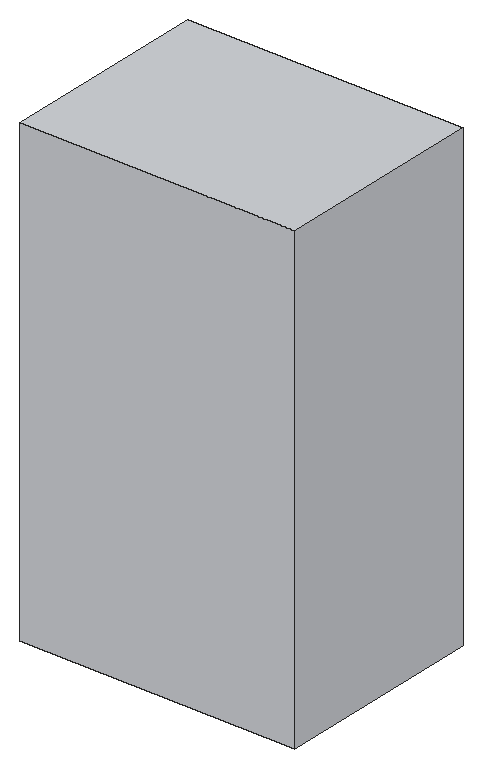
Revit family
Parameters
  Warranty Duration (Years) = 0
  Unit Width [instance] = 1' - 0"
  Unit Height [instance] = 1' - 4"
  Unit Depth = 0' - 0 1/4"
  URL = "http://www.americanspecialties.com/viewCategories.cfm"
  Trim Material = Mirror
  Test Data = ""
  Specification = "http://www.arcat.com/sdspecs/htm/10810asi.htm"
  SpecWizard = ""
  Hardware = Metal - Stainless Steel w/satin
  6-Screw = yes
  Send Message = "http://www.arcat.com/users.pl?action=UserEmail&company=American%20Specialties,%20Inc.&coid=30448&rep=139&fax=914-476-0688&mf="
  Sales Information = "http://www.americanspecialties.com/contact"
  Revision = "R1_10-2010"
  Mirror Radius = 0' - 0 1/2"
  Product Properties = "http://www.americanspecialties.com/datasheets/107.pdf"
  Product Data = "http://www.arcat.com/arcatcos/cos30/arc30448.html"
  Model = "As Specified in 10 28 13"
  Manufacturer Website = "http://www.americanspecialties.com/viewCategories.cfm"
  Manufacturer Phone - Toll Free = ""
  Manufacturer Phone = "914-476-9000 "
  Manufacturer Fax = "914-476-0688"
  Manufacturer Address = "441 Saw Mill River Rd., Yonkers, NY 10701"
  Manufacturer = "American Specialties, Inc."
  Maintenance Schedule (Months) = 0
  Keynote = "10 28 13"
  Installation-Fabrication = "http://www.americanspecialties.com/products.cfm"
  Green Building-LEED = ""
  Frame radius = 0' - 1"
  Expected Lifespan (Years) = 0
  Drawn By = "Robert S. Weygant. CSI, CDT, SCIP"  # constant formula
  Description = "Toilet Accessory as Specified in 10 28 13"
  Default Elevation = 4' - 0"
  Copyright = "©Arcat Inc."
  Construction Details = "http://www.arcat.com/green/clients/leed_data_30448.html"
  Building Codes = "http://www.americanspecialties.com/products.cfm"
  Body Material = Metal - Stainless Steel w/satin
  Assembly Code = "C1030210"
  8-Screw = no
Reference planes (in)
  plane 1 "Center (Front/Back)": y = 2.48383
  plane 2 "Floor Line": z = 0
  plane 3 "Center (Left/Right)": x = -0.65843
  plane 4: z = 56
  plane 5: x = -6.65843
  plane 6: x = 5.34157
  plane 7: z = 48
  plane 8: z = 64
  plane 9: y = 10.48383
  plane 10: y = 9.23383
  plane 11: y = -4.26617
  plane 12: y = -5.51617
  plane 13: x = -5.40843
  plane 14: x = 4.09157
  plane 15: z = 0.21875
  plane 16: z = 0.25
  plane 17: z = 0.10937
Forms (in)
  Extrusion 1, solid
    sketch origin (-3, -9, -5.375) x (0, 0, -1) y (1, 0, 0)
      loop
        line (-82, 26) -> (-82, -19.34712) -> (-5.375, -19.34712) -> (-5.375, 26) -> (-82, 26)
    from 9 to -25.60721
  Extrusion 2, solid, material "Metal - Stainless Steel w/satin" <- "Body Material"
    sketch origin (0, 0, 0) x (1, 0, 0) y (0, 1, 0)
      loop
        arc (-5.65843, 10.48383) -> (-6.36554, 10.19093) -> (-6.65843, 9.48383) r 1
        line (-6.65843, 9.48383) -> (-6.65843, -4.51617)
        arc (-6.65843, -4.51617) -> (-6.36554, -5.22328) -> (-5.65843, -5.51617) r 1
        line (-5.65843, -5.51617) -> (4.34157, -5.51617)
        arc (4.34157, -5.51617) -> (5.04867, -5.22328) -> (5.34157, -4.51617) r 1
        line (5.34157, -4.51617) -> (5.34157, 9.48383)
        arc (5.34157, 9.48383) -> (5.04867, 10.19093) -> (4.34157, 10.48383) r 1
        line (4.34157, 10.48383) -> (-5.65843, 10.48383)
    from 0 to 0.21875
  Extrusion 3, void
    sketch origin (0, 0, 0) x (1, 0, 0) y (0, 1, 0)
      loop
        arc (-4.90843, 9.23383) -> (-5.26199, 9.08738) -> (-5.40843, 8.73383) r 0.5
        line (-5.40843, 8.73383) -> (-5.40843, -3.76617)
        arc (-5.40843, -3.76617) -> (-5.26199, -4.11973) -> (-4.90843, -4.26617) r 0.5
        line (-4.90843, -4.26617) -> (3.59157, -4.26617)
        arc (3.59157, -4.26617) -> (3.94512, -4.11973) -> (4.09157, -3.76617) r 0.5
        line (4.09157, -3.76617) -> (4.09157, 8.73383)
        arc (4.09157, 8.73383) -> (3.94512, 9.08738) -> (3.59157, 9.23383) r 0.5
        line (3.59157, 9.23383) -> (-4.90843, 9.23383)
    from 0 to 1.55257
  Extrusion 4, solid, material "Mirror" <- "Trim Material"
    sketch origin (0, 0, 0) x (1, 0, 0) y (0, 1, 0)
      loop
        arc (-4.90843, 9.23383) -> (-5.26199, 9.08738) -> (-5.40843, 8.73383) r 0.5
        line (-5.40843, 8.73383) -> (-5.40843, -3.76617)
        arc (-5.40843, -3.76617) -> (-5.26199, -4.11973) -> (-4.90843, -4.26617) r 0.5
        line (-4.90843, -4.26617) -> (3.59157, -4.26617)
        arc (3.59157, -4.26617) -> (3.94512, -4.11973) -> (4.09157, -3.76617) r 0.5
        line (4.09157, -3.76617) -> (4.09157, 8.73383)
        arc (4.09157, 8.73383) -> (3.94512, 9.08738) -> (3.59157, 9.23383) r 0.5
        line (3.59157, 9.23383) -> (-4.90843, 9.23383)
    from 0 to 0.10937
  Extrusion 5, solid, material "Metal - Stainless Steel w/satin" <- "Hardware", visible <- "6-Screw"
    sketch origin (0, 0, 0) x (1, 0, 0) y (0, 1, 0)
      loop
        circle (-0.65843, 9.85883) r 0.25
      loop
        circle (-6.01747, -1.51617) r 0.25
      loop
        circle (-6.01747, 6.48383) r 0.25
      loop
        circle (4.70061, -1.51617) r 0.25
      loop
        circle (4.70061, 6.48383) r 0.25
      loop
        circle (-0.65843, -4.89117) r 0.25
    from 0.21875 to 0.25
Cuts and joins
  Extrusion 3 cuts Extrusion 2
Dimensions and locks (in)
  equal spacing: plane 8, plane 4, plane 7
  "Unit Width": plane 6 to plane 5
  "Unit Height": plane 8 to plane 7
  "Default Elevation": plane 7 to plane 2 "Floor Line"
  equal spacing: plane 6, plane 3 "Center (Left/Right)", plane 5
  locked: plane 5 to plane 13 at 1.25
  locked: plane 9 to plane 10 at 1.25
  locked: plane 14 to plane 6 at 1.25
  locked: plane 11 to plane 12 at 1.25
  "Unit Height": plane 9 to plane 12
  equal spacing: plane 9, plane 1 "Center (Front/Back)", plane 12
  locked: plane 16 to plane 15 at 0.03125
  equal spacing: plane 15, plane 17, level
  "Unit Depth": plane 16 to plane 2 "Floor Line"
  "Mirror Radius": radius of Extrusion 3 sketch curve  (x4)
  "Frame radius": radius of Extrusion 2 sketch curve  (x4)
  "Mirror Radius": radius of Extrusion 4 sketch curve  (x4)
  aligned and locked: Extrusion 2 sketch curve to plane 9
  aligned and locked: Extrusion 2 sketch curve to plane 6
  aligned and locked: Extrusion 3 sketch curve to plane 10
  aligned and locked: Extrusion 3 sketch curve to plane 14
  aligned and locked: cut or joined group of Extrusion 2, Extrusion 3 to cut or joined group of Extrusion 2, Extrusion 3
  aligned and locked: Extrusion 4 sketch curve to cut or joined group of Extrusion 2, Extrusion 3  (x2)
  aligned and locked: plane 15 to cut or joined group of Extrusion 2, Extrusion 3
  aligned and locked: Extrusion 5 to cut or joined group of Extrusion 2, Extrusion 3
  aligned and locked: plane 2 "Floor Line" to level
  aligned and locked: cut or joined group of Extrusion 2, Extrusion 3 to plane 2 "Floor Line"
  aligned and locked: Extrusion 1 to level
  aligned and locked: plane 16 to Extrusion 5
  aligned and locked: Extrusion 4 to plane 2 "Floor Line"
  aligned and locked: plane 2 "Floor Line" to cut or joined group of Extrusion 2, Extrusion 3  (x2)
  aligned and locked: plane 17 to Extrusion 4
Automatic sketch dimensions
  Extrusion 1 sketch curve to Extrusion 1 sketch curve = 6' - 4 5/8"
  Extrusion 1 sketch curve to Extrusion 1 sketch curve = 3' - 9.34712"
  Extrusion 3 sketch curve to plane 13 = 0' - 0"
  Extrusion 3 sketch curve to plane 11 = 0' - 0"
  Extrusion 2 sketch curve to plane 5 = 0' - 0"
  Extrusion 2 sketch curve to plane 12 = 0' - 0"
  Extrusion 4 sketch curve to plane 13 = 0' - 0"
  Extrusion 4 sketch curve to plane 11 = 0' - 0"
  Extrusion 5 sketch curve to plane 13 = 0' - 0.60904"  (x2)
  plane 14 to Extrusion 5 sketch curve = 0' - 0.60904"  (x2)
  Extrusion 5 sketch curve to plane 11 = 0' - 0 5/8"
  plane 11 to Extrusion 5 sketch curve = 0' - 2 3/4"  (x2)
  Extrusion 5 sketch curve to plane 10 = 0' - 2 3/4"  (x2)
  Extrusion 5 sketch curve to plane 9 = 0' - 0 5/8"
  plane 3 "Center (Left/Right)" to Extrusion 5 sketch curve = 0' - 0"  (x2)
  radius of Extrusion 5 sketch curve = 0' - 0 1/4"  (x6)
